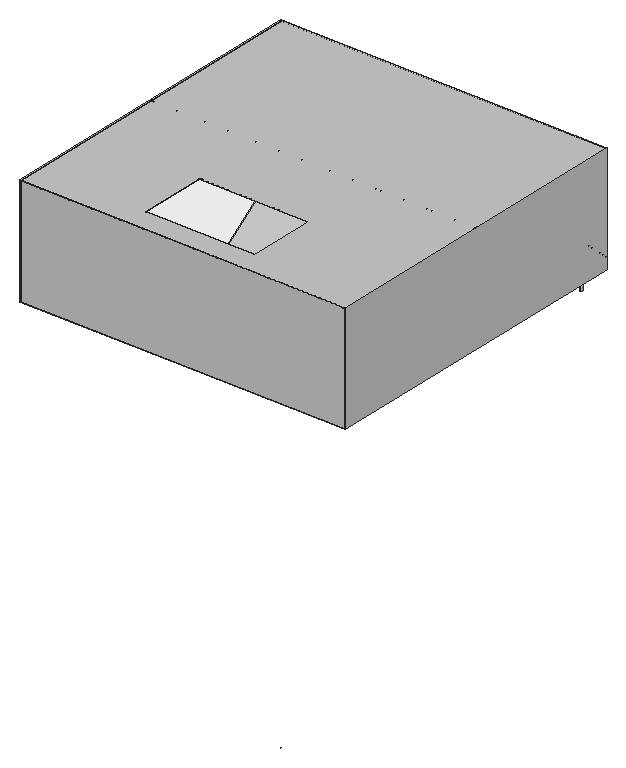
Revit family "QF_ELECTROLUXPROFESSIONAL_640188_EPF1212", category Attrezzature speciali, Revit 2021
Family settings
  Quota connettore circolare = Usa diametro
  Tipo di parte = Normale
  Basato su piano di lavoro = No
  Sempre verticale = Sì
  Taglio con vuoti quando caricato = No
  Condiviso = No
  Punto di calcolo locali = No
Parameters (values of type "Standard")
  Weight = 32.00 kg
  Watts = 0 W
  Volts = 0 V
  URL Manufacturer = "https://www.electroluxprofessional.com/"
  URL = "https://www.electroluxprofessional.com/"
  Steam Supply Size = 0 mm
  Steam Supply Minimum Pressure = 0.0 Pa
  Steam Supply Maximum Pressure = 0.0 Pa
  Steam Consumption per Hour = 0
  Refrigeration Suction Line Size = 0 mm
  Refrigeration Liquid Line Size = 0 mm
  Refrigerant Compressor Remote = yes
  Prospetto di default = 0 mm
  Produttore = "Electrolux Professional"
  Phase = 0
  Modello = "EPF1212"
  Length Actual = 1200 mm  # constant formula
  Item Number = "640188"
  Hot Water Size = 0 mm
  Height Actual = 400 mm  # constant formula
  HP = "0 HP"
  Gas Size = 0 mm
  Gas KW = 0
  Gas Input Pressure = 0 W
  Direct Waste Size = 0 mm
  Descrizione = "304 S/S WALL HOOD+FILTERS 120X120 CM"
  Depth Actual = 1200 mm  # constant formula
  Cycle = 0 Hz
  Condensate Return Size = 0 mm
  Compressed Air Volume = 0.0 L/s
  Compressed Air Size = 0 mm
  Compressed Air Pressure = 0.0 Pa
  Cold Water Size = 0 mm
  Accessory = yes
Reference planes
  plane 1: z = 0
  plane 2 "Center (Left/Right)": x = 150
  plane 3 "LEFT": x = -450
  plane 4 "RIGHT": x = 750
  plane 5 "BACK": y = 550
  plane 6 "TOP": z = 2400
  plane 7 "Base": z = 2000
  plane 8: z = 1970
  plane 9 "DrainY": y = 450
  plane 10: x = -447
  plane 11: y = -320
  plane 12: y = -570
  plane 13 "DrainX": x = 737
  plane 14 "AOLeft": x = -50
  plane 15 "AORight": x = 350
  plane 16: x = 747
  plane 17: x = -250
  plane 18: x = 550
  plane 19 "Center (Front/Back)": y = -50
  plane 20 "Front": y = -650
  plane 21: through (0, -49.6, 2399.19) normal (0, -0.5736, 0.8192)
  plane 22: x = 50
  plane 23: x = 250
Forms (mm)
  Extrusion 1, solid, material "QF_Finishes_Stainless Steel"
    sketch origin (-450, 0, 360) x (0, 1, 0) y (0, 0, 1)
      loop
        line (550, 1640) -> (550, 2040) -> (-650, 2040) -> (-650, 1640) -> (550, 1640)
    from 0 to 3
  Extrusion 2, solid, material "QF_Finishes_Stainless Steel"
    sketch origin (750, 0, 360) x (0, 1, 0) y (0, 0, 1)
      loop
        line (550, 1640) -> (550, 2040) -> (-650, 2040) -> (-650, 1640) -> (550, 1640)
    from 0 to -3
  Extrusion 3, solid, material "QF_Finishes_Stainless Steel"
    sketch origin (150, 0, 360) x (0, 1, 0) y (0, 0, 1)
      loop
        line (-650, 2040) -> (-650, 1640) -> (-640, 1640) -> (-640, 1640.8) -> (-649.2, 1640.8) -> (-649.2, 2039.19) -> (549.2, 2039.19) -> (549.2, 1640.8) -> (540, 1640.8) -> (540, 1640) -> (550, 1640) -> (550, 2040) -> (-650, 2040)
    from -600 to 600
  Extrusion 4, solid, material "QF_Finishes_Stainless Steel"
    sketch origin (0, 0, 2000) x (0, 1, 0) y (-1, 0, 0)
      loop
        circle (450, -737) r 4.763
    from -30 to 0
  Extrusion 5, void
    sketch origin (0, 0, 2400) x (0, 1, 0) y (-1, 0, 0)
      loop
        line (-320, -350) -> (-320, 50) -> (-570, 50) -> (-570, -350) -> (-320, -350)
    from 0 to -10
  Extrusion 6, solid, material "QF_Finishes_Stainless Steel"
    sketch origin (0, 0, 0) x (1, 0, 0) y (0, 1, 0)
      loop
        line (-450, 550) -> (-450, 549) -> (-449, 549) -> (-449, 550) -> (-450, 550)
    from 0 to 1
  Extrusion 7, solid, material "QF_Finishes_Stainless Steel"
    sketch origin (150, 0, 360) x (0, 1, 0) y (0, 0, 1)
      loop
        line (-131.515, 1981.832) -> (-134.381, 1985.926) -> (-573.276, 1678.608) -> (-570.553, 1674.415) -> (-131.515, 1981.832)
    from -400 to -597
  Extrusion 8, solid, material "QF_Finishes_Stainless Steel"
    sketch origin (150, 0, 360) x (0, 1, 0) y (0, 0, 1)
      loop
        line (-650, 2039.19) -> (-650, 1640) -> (-619.702, 1640) -> (-570.553, 1674.415) -> (-578.723, 1686.995) -> (-579.394, 1686.559) -> (-571.645, 1674.627) -> (-619.955, 1640.8) -> (-649.2, 1640.8) -> (-649.2, 2039.19) -> (-650, 2039.19)
      loop
        line (-49.6, 2039.19) -> (-50.995, 2039.19) -> (-131.319, 1982.947) -> (-139.464, 1994.578) -> (-140.119, 1994.12) -> (-131.515, 1981.832) -> (-49.6, 2039.19)
    from -597 to 597
  Extrusion 9, solid, material "QF_Finishes_Stainless Steel"
    sketch origin (150, 0, 360) x (0, 1, 0) y (0, 0, 1)
      loop
        line (-131.515, 1981.832) -> (-134.381, 1985.926) -> (-573.276, 1678.608) -> (-570.553, 1674.415) -> (-131.515, 1981.832)
    from 597 to 400
  Extrusion 10, solid, material "QF_Finishes_Stainless Steel"
    sketch origin (150, 0, 360) x (0, 1, 0) y (0, 0, 1)
      loop
        line (-131.515, 1981.832) -> (-134.381, 1985.926) -> (-573.276, 1678.608) -> (-570.553, 1674.415) -> (-131.515, 1981.832)
    from -100 to 100
  Extrusion 11, solid, material "QF_Finished_Chrome"
    sketch origin (150, 0, 360) x (0, 1, 0) y (0, 0, 1)
      loop
        line (-131.515, 1981.832) -> (-134.381, 1985.926) -> (-573.276, 1678.608) -> (-570.553, 1674.415) -> (-131.515, 1981.832)
    from -400 to -100
  Extrusion 12, solid, material "QF_Finished_Chrome"
    sketch origin (150, 0, 360) x (0, 1, 0) y (0, 0, 1)
      loop
        line (-131.515, 1981.832) -> (-134.381, 1985.926) -> (-573.276, 1678.608) -> (-570.553, 1674.415) -> (-131.515, 1981.832)
    from 100 to 400
  Sweep 13, solid, material "QF_Finishes_Stainless Steel"
    path origin (0, 0, 0) x (1, 0, 0) y (0, 1, 0)
      loop
        line (750, 550) -> (-450, 550) -> (-450, -650) -> (750, -650) -> (750, 550)
    profile origin (750, -50, 0) x (1, 0, 0) y (0, 0, 1)
      loop
        line (-3, 2000) -> (-3, 2000.8) -> (-19, 2000.8) -> (-19, 2010) -> (-20, 2010) -> (-20, 2000) -> (-3, 2000)
  Extrusion 14, solid, material "QF_Finishes_Stainless Steel"
    sketch origin (150, 0, 0) x (0, 1, 0) y (0, 0, 1)
      loop
        line (549.2, 2040.8) -> (549.2, 2041.877) -> (289.521, 2275.693) -> (-43.438, 2399.19) -> (-45.739, 2399.19) -> (289.099, 2274.996) -> (549.2, 2040.8)
    from -597 to 597
Cuts and joins
  Extrusion 5 cuts Extrusion 3
  joined: Extrusion 2, Extrusion 3, Sweep 13
Lines and regions (mm)
  symbolic lines, style "SpecialityEquipment", detail levels coarse
    curve 1: line (750, 550, 2400) -> (-450, 550, 2400)
    curve 2: line (-450, 550, 2400) -> (-450, -650.8, 2400)
    curve 3: line (750, -650.8, 2400) -> (750, 550, 2400)
    curve 4: line (-450, -650.8, 2400) -> (750, -650.8, 2400)
    curve 5: line (350, -570, 2400) -> (-50, -570, 2400)
    curve 6: line (350, -320, 2400) -> (350, -570, 2400)
    curve 7: line (-50, -320, 2400) -> (350, -320, 2400)
    curve 8: line (-50, -570, 2400) -> (-50, -320, 2400)
    curve 9: line (-450, 550, 0) -> (750, -650, 0)
    curve 10: line (750, 550, 0) -> (-450, -650, 0)
Dimensions and locks
  plane 3 "LEFT" to plane 4 "RIGHT" = 1200 mm
  equal spacing: plane 3 "LEFT", plane 2 "Center (Left/Right)", plane 4 "RIGHT"
  plane 7 "Base" to plane 8 = 30 mm
  plane 5 "BACK" to plane 9 "DrainY" = 100 mm  (x2)
  plane 3 "LEFT" to plane 10 = 3 mm
  plane 13 "DrainX" to plane 4 "RIGHT" = 13 mm
  plane 16 to plane 4 "RIGHT" = 3 mm
  plane 3 "LEFT" to plane 17 = 200 mm
  plane 18 to plane 4 "RIGHT" = 200 mm
  locked: plane 14 "AOLeft" to plane 15 "AORight" at 400
  equal spacing: plane 14 "AOLeft", plane 2 "Center (Left/Right)", plane 15 "AORight"
  locked: plane 7 "Base" to level at 2000
  locked: plane 6 "TOP" to plane 7 "Base" at 400
  plane 5 "BACK" to plane 20 "Front" = 1200 mm  (x2)
  equal spacing: plane 5 "BACK", plane 19 "Center (Front/Back)", plane 20 "Front"
  locked: plane 22 to plane 23 at 200
  equal spacing: plane 22, plane 2 "Center (Left/Right)", plane 23
  plane 12 to plane 20 "Front" = 80 mm
  locked: plane 11 to plane 12 at 250
  aligned and locked: level to plane 1
  aligned and locked: plane 4 "RIGHT" to Extrusion 3
  aligned and locked: Extrusion 3 to plane 3 "LEFT"
  aligned and locked: Extrusion 5 to plane 14 "AOLeft"
  aligned and locked: Extrusion 5 to plane 12
  aligned and locked: Extrusion 5 to plane 11
  aligned and locked: Extrusion 7 to plane 10
  aligned and locked: Extrusion 7 to plane 17
  aligned and locked: Extrusion 2 to plane 16
  aligned and locked: Extrusion 5 to plane 15 "AORight"
  aligned and locked: plane 15 "AORight" to curve 6
  aligned and locked: plane 16 to Extrusion 9
  aligned and locked: plane 18 to Extrusion 9
  aligned and locked: plane 23 to Extrusion 10
  aligned and locked: Extrusion 10 to plane 22
  aligned and locked: plane 22 to Extrusion 11
  aligned and locked: Extrusion 11 to plane 17
  aligned and locked: Extrusion 12 to plane 23
  aligned and locked: Extrusion 12 to plane 18
  aligned and locked: Extrusion 14 to plane 10
  aligned and locked: plane 16 to Extrusion 14
  aligned and locked: Extrusion 8 to plane 10
  aligned and locked: plane 16 to Extrusion 8
Automatic sketch dimensions
  curve 4 to plane 4 "RIGHT" = 0 mm
  curve 2 to plane 3 "LEFT" = 0 mm
  curve 5 to plane 12 = 0 mm
  plane 11 to curve 7 = 0 mm
  curve 2 to plane 5 "BACK" = 0 mm
  curve 5 to plane 14 "AOLeft" = 0 mm
  curve 4 to plane 20 "Front" = 0.8 mm
  Extrusion 1 sketch curve to plane 7 "Base" = 0 mm
  Extrusion 1 sketch curve to plane 20 "Front" = 0 mm
  Extrusion 1 sketch curve to plane 5 "BACK" = 0 mm
  Extrusion 1 sketch curve to plane 6 "TOP" = 0 mm
  Extrusion 2 sketch curve to plane 7 "Base" = 0 mm
  Extrusion 2 sketch curve to plane 20 "Front" = 0 mm
  Extrusion 2 sketch curve to plane 5 "BACK" = 0 mm
  Extrusion 2 sketch curve to plane 6 "TOP" = 0 mm
  Extrusion 3 sketch curve to plane 6 "TOP" = 0 mm
  Extrusion 3 sketch curve to plane 20 "Front" = 0 mm
  Extrusion 3 sketch curve to plane 7 "Base" = 0 mm  (x2)
  Extrusion 3 sketch curve to plane 5 "BACK" = 0 mm
  plane 20 "Front" to Extrusion 3 sketch curve = 0.8 mm
  Extrusion 3 sketch curve to Extrusion 3 sketch curve = 9.2 mm
  plane 7 "Base" to Extrusion 3 sketch curve = 0.8 mm  (x2)
  Extrusion 3 sketch curve to plane 5 "BACK" = 10 mm
  Extrusion 3 sketch curve to plane 5 "BACK" = 0.8 mm
  Extrusion 3 sketch curve to plane 6 "TOP" = 0.81 mm
  Extrusion 4 sketch curve to plane 9 "DrainY" = 0 mm
  Extrusion 4 sketch curve to plane 13 "DrainX" = 0 mm
  Extrusion 5 sketch curve to plane 12 = 0 mm
  plane 11 to Extrusion 5 sketch curve = 0 mm
  Extrusion 5 sketch curve to plane 15 "AORight" = 0 mm
  Extrusion 5 sketch curve to plane 14 "AOLeft" = 0 mm
  Extrusion 6 sketch curve to plane 3 "LEFT" = 0 mm
  Extrusion 6 sketch curve to plane 5 "BACK" = 0 mm
  plane 3 "LEFT" to Extrusion 6 sketch curve = 1 mm
  Extrusion 6 sketch curve to Extrusion 6 sketch curve = 1 mm
  Extrusion 7 sketch curve to plane 21 = 0 mm  (x2)
  plane 20 "Front" to Extrusion 7 sketch curve = 76.724 mm
  plane 7 "Base" to Extrusion 7 sketch curve = 34.415 mm
  Extrusion 7 sketch curve to plane 6 "TOP" = 54.074 mm
  Extrusion 7 sketch curve to plane 19 "Center (Front/Back)" = 84.381 mm
  Extrusion 8 sketch curve to plane 20 "Front" = 0 mm
  Extrusion 8 sketch curve to plane 7 "Base" = 0 mm
  Extrusion 8 sketch curve to plane 21 = 0 mm  (x4)
  plane 20 "Front" to Extrusion 8 sketch curve = 0.8 mm
  Extrusion 8 sketch curve to Extrusion 8 sketch curve = 0.252 mm
  Extrusion 8 sketch curve to Extrusion 8 sketch curve = 40.561 mm
  plane 7 "Base" to Extrusion 8 sketch curve = 46.995 mm
  Extrusion 8 sketch curve to Extrusion 8 sketch curve = 0.671 mm
  plane 7 "Base" to Extrusion 8 sketch curve = 34.627 mm
  Extrusion 8 sketch curve to Extrusion 8 sketch curve = 7.749 mm
  Extrusion 8 sketch curve to plane 6 "TOP" = 45.88 mm
  Extrusion 8 sketch curve to plane 19 "Center (Front/Back)" = 90.119 mm
  Extrusion 8 sketch curve to plane 6 "TOP" = 45.422 mm
  Extrusion 8 sketch curve to plane 6 "TOP" = 57.053 mm
  Extrusion 8 sketch curve to plane 6 "TOP" = 0.81 mm  (x2)
  plane 7 "Base" to Extrusion 8 sketch curve = 0.8 mm
  Extrusion 9 sketch curve to plane 21 = 0 mm  (x2)
  plane 20 "Front" to Extrusion 9 sketch curve = 76.724 mm
  plane 7 "Base" to Extrusion 9 sketch curve = 34.415 mm
  Extrusion 9 sketch curve to plane 6 "TOP" = 54.074 mm
  Extrusion 9 sketch curve to plane 19 "Center (Front/Back)" = 84.381 mm
  Extrusion 10 sketch curve to plane 21 = 0 mm  (x2)
  plane 20 "Front" to Extrusion 10 sketch curve = 76.724 mm
  plane 7 "Base" to Extrusion 10 sketch curve = 34.415 mm
  Extrusion 10 sketch curve to plane 6 "TOP" = 54.074 mm
  Extrusion 10 sketch curve to plane 19 "Center (Front/Back)" = 84.381 mm
  Extrusion 11 sketch curve to plane 21 = 0 mm  (x2)
  plane 20 "Front" to Extrusion 11 sketch curve = 76.724 mm
  plane 7 "Base" to Extrusion 11 sketch curve = 34.415 mm
  Extrusion 11 sketch curve to plane 6 "TOP" = 54.074 mm
  Extrusion 11 sketch curve to plane 19 "Center (Front/Back)" = 84.381 mm
  Extrusion 12 sketch curve to plane 21 = 0 mm  (x2)
  plane 20 "Front" to Extrusion 12 sketch curve = 76.724 mm
  plane 7 "Base" to Extrusion 12 sketch curve = 34.415 mm
  Extrusion 12 sketch curve to plane 6 "TOP" = 54.074 mm
  Extrusion 12 sketch curve to plane 19 "Center (Front/Back)" = 84.381 mm
  Sweep 13 sketch curve to plane 3 "LEFT" = 0 mm
  Sweep 13 sketch curve to plane 4 "RIGHT" = 0 mm
  Sweep 13 sketch curve to plane 20 "Front" = 0 mm
  Sweep 13 sketch curve to plane 5 "BACK" = 0 mm
  profile plane to Sweep 13 sketch curve = 20 mm
  Sweep 13 sketch curve to Sweep 13 sketch curve = 1 mm
  profile plane to Sweep 13 sketch curve = 3 mm
  level to Sweep 13 sketch curve = 2000 mm
  Sweep 13 sketch curve to Sweep 13 sketch curve = 0.8 mm
  Sweep 13 sketch curve to Sweep 13 sketch curve = 9.2 mm
  Extrusion 14 sketch curve to plane 9 "DrainY" = 160.901 mm
  Extrusion 14 sketch curve to Extrusion 14 sketch curve = 0.422 mm
  Extrusion 14 sketch curve to plane 5 "BACK" = 0.8 mm
  plane 7 "Base" to Extrusion 14 sketch curve = 40.8 mm
  Extrusion 14 sketch curve to Extrusion 14 sketch curve = 1.077 mm
  Extrusion 14 sketch curve to plane 6 "TOP" = 125.004 mm
  Extrusion 14 sketch curve to Extrusion 14 sketch curve = 0.697 mm
  Extrusion 14 sketch curve to plane 6 "TOP" = 0.81 mm
  plane 19 "Center (Front/Back)" to Extrusion 14 sketch curve = 6.562 mm
  Extrusion 14 sketch curve to Extrusion 14 sketch curve = 2.3 mm
  Extrusion 14 sketch curve to Extrusion 14 sketch curve = 0 mm
  curve 10 to plane 3 "LEFT" = 0 mm
  curve 9 to plane 3 "LEFT" = 0 mm
  curve 10 to plane 4 "RIGHT" = 0 mm
  curve 9 to plane 4 "RIGHT" = 0 mm
  curve 9 to plane 20 "Front" = 0 mm
  curve 10 to plane 20 "Front" = 0 mm
  curve 10 to plane 5 "BACK" = 0 mm
  curve 9 to plane 5 "BACK" = 0 mm
  radius of Extrusion 4 sketch curve = 4.763 mm
Connectors
  piping at (737, 450, 1970), diameter 9.5
    settings: on Extrusion 4, index 1, connector inside diameter 609.6 mm, connector length 0 mm, flow factor 0, pipe flow 0.0 L/s, pressure drop 0.0 Pa, fitting loss kfactor 0, connector angle 0.00°, fixture units 0, engagement length 0 mm, angle of deflection 0.00°, flow configuration 1, flow direction 2, fitting loss method 0, system type 16, joint type 0, gender type 0, connector reference index -1, connector utility 0, adjustable connector no, is connector primary yes, connector description "Drain"
  hvac at (150, -445, 2400)
    settings: on Extrusion 5, index 2, duct flow 0.0 L/s, flow factor 0, pres drop 0.0 Pa, loss coef 0, conn angle 0.00°, conn width 250 mm, conn height 400 mm, conn diameter 609.6 mm, duct sys type 3, conn prof type 1, flow config 1, flow direction 0, loss method 0, conn ref index -1, conn util no, is conn primary yes, conn desc "EXHAUST OUTLET"
